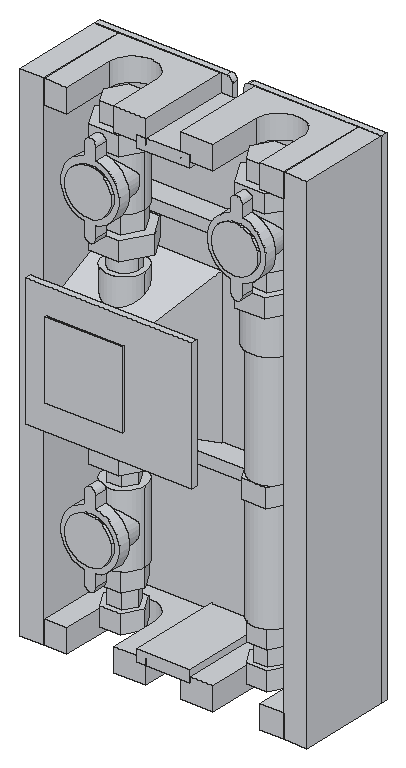
Revit family "330_e145d54fb4be4ce3bb35df3b38b2fd", category Mechanical Equipment, Revit 2022
Family settings
  Round Connector Dimension = Use Diameter
  Classification = None
  Part Type = Normal
  Work Plane-Based = No
  Always vertical = Yes
  Cut with Voids When Loaded = No
  Maintain Annotation Orientation = No
  Shared = No
  Room Calculation Point = No
Parameters (values of type "2171 1180E6")
  magiProductId = "e145d54fb4be4ce3bb35df3b38b2fd"
  magiProductFamilyId = "e145d54fb4be4ce3bb35df3b38b2fd"
  magiPartTypeId = 330
  XC = 62.5 mm
  WL = 225 mm
  W2L__ve = -W2L  # -80 mm
  W2L = 80 mm
  W2 = 85 mm
  W = 170 mm
  VersionID = "2.0/2019.5.23.1/FAR_2171_001"
  R25 = 25.5 mm
  R2 = 12.5 mm
  R15 = 17.5 mm
  R13 = 20.5 mm
  R1 = 12.5 mm
  QmdConnectorList = "301;P2;302;P2;303;P1;304;P1"
  Productdata [instance] = "© MagiCAD Group, all rights reserved"
  PL = 48.571 mm
  P2 = 25 mm
  P1 = 25 mm
  Manufacturer = "FAR"
  MC Shunt Valve Configuration = 0
  MC Shunt Control Valve Location = 0
  MC Product Code = "2171 1180E6"
  MC Primary Sizing Flow [instance] = 0.0 L/s
  MC Primary Given Pressure Drop [instance] = 0.0 Pa
  MC Piping Secondary Pressure Drop [instance] = 0.0 Pa
  MC Piping Secondary Flow [instance] = 0.0 L/s
  MC Piping Flow [instance] = 0.0 L/s
  MC Control Valve kv [instance] = 0
  MC Control Valve Pressure Drop [instance] = 0.0 Pa
  MC Balancing Valve kv [instance] = 0
  MC Balancing Valve Pressure Drop [instance] = 0.0 Pa
  MC Adjustable Valve kv for min dp [instance] = 0
  MC Adjustable Valve kv for max dp [instance] = 0
  MC Adjustable Valve Min Pressure Drop [instance] = 0.0 Pa
  MC Adjustable Valve Max Pressure Drop [instance] = 0.0 Pa
  LH92 = 24.111 mm
  LH9 = 48.222 mm
  LH62 = 31 mm
  LH61 = 94 mm
  LH6 = 62 mm
  LH48 = 141.778 mm
  LH44 = 111.778 mm
  LH42 = 65.889 mm
  LH4 = 131.778 mm
  L5 = 5 mm
  L45 = 45 mm
  L30 = 32 mm
  L22__ve = -L22  # -5 mm
  L222__ve = -L222  # -2 mm
  L222 = 2 mm
  L22 = 5 mm
  L20__ve = -L20  # -20 mm
  L20 = 20 mm
  L2 = 122.5 mm
  L15 = 16 mm
  L10__ve = -L10  # -10 mm
  L10 = 10 mm
  L = 245 mm
  KH = 15 mm
  H2 = 217 mm
  H = 434 mm
  Description = "Booster unit, high eff. pump 1-6 m, shut-off valves, 180 mm"
  Default Elevation = 0 mm
  CenSd_R25_6 = R25 * cos(30.00°)  # 22.084 mm
  CenSd_R1_6 = R1 * cos(30.00°)  # 10.825 mm
  CenSd_R15_6 = R15 * cos(30.00°)  # 15.155 mm
  CenSd_R13_6 = R13 * cos(30.00°)  # 17.754 mm
  CAT0 = yes
  CAT = no
Reference planes
  plane 1 "Center (Front/Back)": y = 0
  plane 2 "XYPLANE": z = 0
  plane 3 "Center (Left/Right)": x = 0
  plane 4 "360": z = 201
  plane 5 "359": z = 56.778
  plane 6 "358": y = -85
  plane 7 "350": z = -70
  plane 8 "347": z = 109.778
  plane 9 "342": x = 15
  plane 10 "341": x = 82.5
  plane 11 "340": x = 42.5
  plane 12 "339": x = 102.5
  plane 13 "331": y = -40
  plane 14 "330": y = -5
  plane 15 "329": y = -85
  plane 16 "328": x = -82.5
  plane 17 "327": x = -42.5
  plane 18 "326": x = -15
  plane 19 "325": x = -102.5
  plane 20 "323": x = 112.5
  plane 21 "319": y = -5
  plane 22 "318": x = -112.5
  plane 23 "315": z = -157
  plane 24 "314": z = -147
  plane 25 "313": z = -87
  plane 26 "312": z = -97
  plane 27 "311": z = -122
  plane 28 "304": x = 57.5
  plane 29 "303": x = 67.5
  plane 30 "296": y = -85
  plane 31 "290": z = 109.889
  plane 32 "289": z = 179.889
  plane 33 "288": z = 144.889
  plane 34 "287": x = -67.5
  plane 35 "286": x = -57.5
  plane 36 "285": z = 119.889
  plane 37 "284": z = 169.889
  plane 38 "281": y = -90
  plane 39 "277": x = -42.5
  plane 40 "274": y = -75
  plane 41 "272": z = 6.889
  plane 42 "271": y = -15
  plane 43 "243": z = 88.778
  plane 44 "240": z = 185
  plane 45 "239": z = 169
  plane 46 "238": z = 120.778
  plane 47 "231": z = 104.778
  plane 48 "228": z = 72.778
  plane 49 "225": z = -59
  plane 50 "222": z = -75
  plane 51 "219": z = -153
  plane 52 "216": z = -91
  plane 53 "215": z = -169
  plane 54 "210": z = -185
  plane 55 "207": z = -201
  plane 56 "202": x = -5
  plane 57 "201": x = 5
  plane 58 "200": x = 122.5
  plane 59 "199": z = -197
  plane 60 "198": z = 197
  plane 61 "126": y = -48.571
  plane 62 "121": x = 62.5
  plane 63 "116": x = -62.5
  plane 64 "84": z = -217
  plane 65 "83": z = 217
  plane 66 "82": x = -122.5
  plane 67 "43": y = 0
  plane 68 "42": x = 0
  plane 69 "41": z = 0
Forms (mm)
  Extrusion 1, solid
    sketch origin (750, -5, 0) x (-1, 0, 0) y (0, 0, 1)
      loop
        line (727.5, -192) -> (727.5, -202) -> (772.5, -202) -> (772.5, -192) -> (727.5, -192)
    from 0 to -80 <- "W2L__ve"
  Extrusion 2, solid
    sketch origin (750, -5, 0) x (-1, 0, 0) y (0, 0, 1)
      loop
        line (727.5, 202) -> (727.5, 192) -> (772.5, 192) -> (772.5, 202) -> (727.5, 202)
    from 0 to -80 <- "W2L__ve"
  Extrusion 3, solid
    sketch origin (750, -5, 0) x (-1, 0, 0) y (0, 0, 1)
      loop
        line (862.5, -65) -> (637.5, -65) -> (637.5, -75) -> (862.5, -75) -> (862.5, -65)
    from 0 to -20 <- "L20__ve"
  Extrusion 4, solid
    sketch origin (750, -5, 0) x (-1, 0, 0) y (0, 0, 1)
      loop
        line (862.5, 114.778) -> (637.5, 114.778) -> (637.5, 104.778) -> (862.5, 104.778) -> (862.5, 114.778)
    from 0 to -20 <- "L20__ve"
  Extrusion 5, solid
    sketch origin (-750, 0, -217) x (1, 0, 0) y (0, 1, 0)
      loop
        line (765, -5) -> (765, -85) -> (792.5, -85) -> (792.5, -40)
        arc (792.5, -40) -> (812.5, -20) -> (832.5, -40) r 20
        line (832.5, -40) -> (832.5, -85) -> (852.5, -85) -> (852.5, -5) -> (765, -5)
    from 0 to 20 <- "L20"
  Extrusion 6, solid
    sketch origin (-750, 0, 217) x (1, 0, 0) y (0, 1, 0)
      loop
        line (765, -5) -> (765, -85) -> (792.5, -85) -> (792.5, -40)
        arc (792.5, -40) -> (812.5, -20) -> (832.5, -40) r 20
        line (832.5, -40) -> (832.5, -85) -> (852.5, -85) -> (852.5, -5) -> (765, -5)
    from 0 to -20 <- "L20__ve"
  Extrusion 7, solid
    sketch origin (-750, 0, -217) x (1, 0, 0) y (0, 1, 0)
      loop
        line (647.5, -5) -> (647.5, -85) -> (667.5, -85) -> (667.5, -40)
        arc (667.5, -40) -> (687.5, -20) -> (707.5, -40) r 20
        line (707.5, -40) -> (707.5, -85) -> (735, -85) -> (735, -5) -> (647.5, -5)
    from 0 to 20 <- "L20"
  Extrusion 8, solid
    sketch origin (-750, 0, 217) x (1, 0, 0) y (0, 1, 0)
      loop
        line (647.5, -5) -> (647.5, -85) -> (667.5, -85) -> (667.5, -40)
        arc (667.5, -40) -> (687.5, -20) -> (707.5, -40) r 20
        line (707.5, -40) -> (707.5, -85) -> (735, -85) -> (735, -5) -> (647.5, -5)
    from 0 to -20 <- "L20__ve"
  Extrusion 9, solid
    sketch origin (750, -5, 0) x (-1, 0, 0) y (0, 0, 1)
      loop
        line (627.5, 217) -> (627.5, -217) -> (647.5, -217) -> (647.5, 217) -> (627.5, 217)
    from 0 to -80 <- "W2L__ve"
  Extrusion 10, solid
    sketch origin (750, -5, 0) x (-1, 0, 0) y (0, 0, 1)
      loop
        line (852.5, 217) -> (852.5, -217) -> (872.5, -217) -> (872.5, 217) -> (852.5, 217)
    from 0 to -80 <- "W2L__ve"
  Extrusion 11, solid
    sketch origin (750, -75, 0) x (-1, 0, 0) y (0, 0, 1)
      loop
        line (817.5, -157) -> (817.5, -147)
        arc (817.5, -147) -> (837.5, -122) -> (817.5, -97) r 25.625
        line (817.5, -97) -> (817.5, -87)
        arc (817.5, -87) -> (812.5, -82) -> (807.5, -87) r 5
        line (807.5, -87) -> (807.5, -97)
        arc (807.5, -97) -> (787.5, -122) -> (807.5, -147) r 25.625
        line (807.5, -147) -> (807.5, -157)
        arc (807.5, -157) -> (812.5, -162) -> (817.5, -157) r 5
    from 0 to -10 <- "L10__ve"
  Extrusion 12, solid
    sketch origin (750, -75, 0) x (-1, 0, 0) y (0, 0, 1)
      loop
        circle (812.5, -122) r 17.5
    from 0 to 20 <- "L20"
  Extrusion 13, solid
    sketch origin (750, -85, 0) x (-1, 0, 0) y (0, 0, 1)
      loop
        circle (812.5, -122) r 20
    from 0 to -2 <- "L222__ve"
  Extrusion 14, solid
    sketch origin (750, -75, 0) x (-1, 0, 0) y (0, 0, 1)
      loop
        line (692.5, 109.889) -> (692.5, 119.889)
        arc (692.5, 119.889) -> (712.5, 144.889) -> (692.5, 169.889) r 25.625
        line (692.5, 169.889) -> (692.5, 179.889)
        arc (692.5, 179.889) -> (687.5, 184.889) -> (682.5, 179.889) r 5
        line (682.5, 179.889) -> (682.5, 169.889)
        arc (682.5, 169.889) -> (662.5, 144.889) -> (682.5, 119.889) r 25.625
        line (682.5, 119.889) -> (682.5, 109.889)
        arc (682.5, 109.889) -> (687.5, 104.889) -> (692.5, 109.889) r 5
    from 0 to -10 <- "L10__ve"
  Extrusion 15, solid
    sketch origin (750, -75, 0) x (-1, 0, 0) y (0, 0, 1)
      loop
        circle (687.5, 144.889) r 17.5
    from 0 to 20 <- "L20"
  Extrusion 16, solid
    sketch origin (750, -85, 0) x (-1, 0, 0) y (0, 0, 1)
      loop
        circle (687.5, 144.889) r 20
    from 0 to -2 <- "L222__ve"
  Extrusion 17, solid
    sketch origin (750, -85, 0) x (-1, 0, 0) y (0, 0, 1)
      loop
        circle (812.5, 144.889) r 20
    from 0 to -2 <- "L222__ve"
  Extrusion 18, solid
    sketch origin (750, -75, 0) x (-1, 0, 0) y (0, 0, 1)
      loop
        circle (812.5, 144.889) r 17.5
    from 0 to 20 <- "L20"
  Extrusion 19, solid
    sketch origin (750, -75, 0) x (-1, 0, 0) y (0, 0, 1)
      loop
        line (817.5, 109.889) -> (817.5, 119.889)
        arc (817.5, 119.889) -> (837.5, 144.889) -> (817.5, 169.889) r 25.625
        line (817.5, 169.889) -> (817.5, 179.889)
        arc (817.5, 179.889) -> (812.5, 184.889) -> (807.5, 179.889) r 5
        line (807.5, 179.889) -> (807.5, 169.889)
        arc (807.5, 169.889) -> (787.5, 144.889) -> (807.5, 119.889) r 25.625
        line (807.5, 119.889) -> (807.5, 109.889)
        arc (807.5, 109.889) -> (812.5, 104.889) -> (817.5, 109.889) r 5
    from 0 to -10 <- "L10__ve"
  Extrusion 20, solid
    sketch origin (750, -90, 0) x (-1, 0, 0) y (0, 0, 1)
      loop
        line (779.556, 39.833) -> (779.556, -26.056) -> (845.444, -26.056) -> (845.444, 39.833) -> (779.556, 39.833)
    from 0 to -2
  Extrusion 21, solid
    sketch origin (750, -85, 0) x (-1, 0, 0) y (0, 0, 1)
      loop
        line (721.611, 62.778) -> (721.611, -49) -> (863.389, -49) -> (863.389, 62.778) -> (721.611, 62.778)
    from 0 to -5 <- "L22__ve"
  Blend 22, solid
    base sketch origin (750, -15, 0) x (-1, 0, 0) y (0, 0, 1)
      loop
        line (756.611, 72.778) -> (756.611, -59) -> (868.389, -59) -> (868.389, 72.778) -> (756.611, 72.778)
    top sketch origin (750, -15, 0) x (-1, 0, 0) y (0, 0, 1)
      loop
        line (779.556, 39.833) -> (779.556, -26.056) -> (845.444, -26.056) -> (845.444, 39.833) -> (779.556, 39.833)
    from 0 to -70
  Extrusion 23, solid
    sketch origin (-750, 0, -201) x (1, 0, 0) y (0, 1, 0)
      loop
        line (830, -48.571) -> (821.25, -33.416) -> (803.75, -33.416) -> (795, -48.571) -> (803.75, -63.727) -> (821.25, -63.727) -> (830, -48.571)
    from 0 to 16 <- "L15"
  Extrusion 24, solid
    sketch origin (-750, 0, -185) x (1, 0, 0) y (0, 1, 0)
      loop
        line (825, -48.571) -> (818.75, -37.746) -> (806.25, -37.746) -> (800, -48.571) -> (806.25, -59.397) -> (818.75, -59.397) -> (825, -48.571)
    from 0 to 16 <- "L15"
  Extrusion 25, solid
    sketch origin (-750, 0, -169) x (1, 0, 0) y (0, 1, 0)
      loop
        line (830, -48.571) -> (821.25, -33.416) -> (803.75, -33.416) -> (795, -48.571) -> (803.75, -63.727) -> (821.25, -63.727) -> (830, -48.571)
    from 0 to 16 <- "L15"
  Extrusion 26, solid
    sketch origin (-750, 0, -153) x (1, 0, 0) y (0, 1, 0)
      loop
        circle (812.5, -48.571) r 17.5
    from 0 to 94 <- "LH61"
  Extrusion 27, solid
    sketch origin (-750, 0, -59) x (1, 0, 0) y (0, 1, 0)
      loop
        line (833, -48.571) -> (822.75, -30.818) -> (802.25, -30.818) -> (792, -48.571) -> (802.25, -66.325) -> (822.75, -66.325) -> (833, -48.571)
    from 0 to 16 <- "L15"
  Extrusion 28, solid
    sketch origin (-750, 0, -59) x (1, 0, 0) y (0, 1, 0)
      loop
        circle (812.5, -48.571) r 17.5
    from 0 to 131.778 <- "LH4"
  Extrusion 29, solid
    sketch origin (-750, 0, 88.778) x (1, 0, 0) y (0, 1, 0)
      loop
        line (838, -48.571) -> (825.25, -26.488) -> (799.75, -26.488) -> (787, -48.571) -> (799.75, -70.655) -> (825.25, -70.655) -> (838, -48.571)
    from 0 to 16 <- "L15"
  Extrusion 30, solid
    sketch origin (-750, 0, 104.778) x (1, 0, 0) y (0, 1, 0)
      loop
        line (830, -48.571) -> (821.25, -33.416) -> (803.75, -33.416) -> (795, -48.571) -> (803.75, -63.727) -> (821.25, -63.727) -> (830, -48.571)
    from 0 to 16 <- "L15"
  Extrusion 31, solid
    sketch origin (-750, 0, 185) x (1, 0, 0) y (0, 1, 0)
      loop
        line (830, -48.571) -> (821.25, -33.416) -> (803.75, -33.416) -> (795, -48.571) -> (803.75, -63.727) -> (821.25, -63.727) -> (830, -48.571)
    from 0 to 16 <- "L15"
  Extrusion 32, solid
    sketch origin (-750, 0, 169) x (1, 0, 0) y (0, 1, 0)
      loop
        line (838, -48.571) -> (825.25, -26.488) -> (799.75, -26.488) -> (787, -48.571) -> (799.75, -70.655) -> (825.25, -70.655) -> (838, -48.571)
    from 0 to 16 <- "L15"
  Extrusion 33, solid
    sketch origin (-750, 0, 120.778) x (1, 0, 0) y (0, 1, 0)
      loop
        circle (812.5, -48.571) r 17.5
    from 0 to 48.222 <- "LH9"
  Extrusion 34, solid
    sketch origin (-750, 0, 56.778) x (1, 0, 0) y (0, 1, 0)
      loop
        circle (812.5, -48.571) r 20.5
    from 0 to 32 <- "L30"
  Extrusion 35, solid
    sketch origin (-750, 0, 72.778) x (1, 0, 0) y (0, 1, 0)
      loop
        circle (687.5, -48.571) r 12.5
    from 0 to 16 <- "L15"
  Extrusion 36, solid
    sketch origin (-750, 0, 120.778) x (1, 0, 0) y (0, 1, 0)
      loop
        circle (687.5, -48.571) r 17.5
    from 0 to 48.222 <- "LH9"
  Extrusion 37, solid
    sketch origin (-750, 0, 169) x (1, 0, 0) y (0, 1, 0)
      loop
        line (713, -48.571) -> (700.25, -26.488) -> (674.75, -26.488) -> (662, -48.571) -> (674.75, -70.655) -> (700.25, -70.655) -> (713, -48.571)
    from 0 to 16 <- "L15"
  Extrusion 38, solid
    sketch origin (-750, 0, 185) x (1, 0, 0) y (0, 1, 0)
      loop
        line (705, -48.571) -> (696.25, -33.416) -> (678.75, -33.416) -> (670, -48.571) -> (678.75, -63.727) -> (696.25, -63.727) -> (705, -48.571)
    from 0 to 16 <- "L15"
  Extrusion 39, solid
    sketch origin (-750, 0, 104.778) x (1, 0, 0) y (0, 1, 0)
      loop
        line (705, -48.571) -> (696.25, -33.416) -> (678.75, -33.416) -> (670, -48.571) -> (678.75, -63.727) -> (696.25, -63.727) -> (705, -48.571)
    from 0 to 16 <- "L15"
  Extrusion 40, solid
    sketch origin (-750, 0, 88.778) x (1, 0, 0) y (0, 1, 0)
      loop
        line (713, -48.571) -> (700.25, -26.488) -> (674.75, -26.488) -> (662, -48.571) -> (674.75, -70.655) -> (700.25, -70.655) -> (713, -48.571)
    from 0 to 16 <- "L15"
  Extrusion 41, solid
    sketch origin (-750, 0, -59) x (1, 0, 0) y (0, 1, 0)
      loop
        circle (687.5, -48.571) r 17.5
    from 0 to 131.778 <- "LH4"
  Extrusion 42, solid
    sketch origin (-750, 0, -75) x (1, 0, 0) y (0, 1, 0)
      loop
        line (713, -48.571) -> (700.25, -26.488) -> (674.75, -26.488) -> (662, -48.571) -> (674.75, -70.655) -> (700.25, -70.655) -> (713, -48.571)
    from 0 to 16 <- "L15"
  Extrusion 43, solid
    sketch origin (-750, 0, -91) x (1, 0, 0) y (0, 1, 0)
      loop
        line (700, -48.571) -> (693.75, -37.746) -> (681.25, -37.746) -> (675, -48.571) -> (681.25, -59.397) -> (693.75, -59.397) -> (700, -48.571)
    from 0 to 16 <- "L15"
  Extrusion 44, solid
    sketch origin (-750, 0, -153) x (1, 0, 0) y (0, 1, 0)
      loop
        circle (687.5, -48.571) r 17.5
    from 0 to 62 <- "LH6"
  Extrusion 45, solid
    sketch origin (-750, 0, -169) x (1, 0, 0) y (0, 1, 0)
      loop
        line (705, -48.571) -> (696.25, -33.416) -> (678.75, -33.416) -> (670, -48.571) -> (678.75, -63.727) -> (696.25, -63.727) -> (705, -48.571)
    from 0 to 16 <- "L15"
  Extrusion 46, solid
    sketch origin (-750, 0, -185) x (1, 0, 0) y (0, 1, 0)
      loop
        line (700, -48.571) -> (693.75, -37.746) -> (681.25, -37.746) -> (675, -48.571) -> (681.25, -59.397) -> (693.75, -59.397) -> (700, -48.571)
    from 0 to 16 <- "L15"
  Extrusion 47, solid
    sketch origin (-750, 0, -201) x (1, 0, 0) y (0, 1, 0)
      loop
        line (705, -48.571) -> (696.25, -33.416) -> (678.75, -33.416) -> (670, -48.571) -> (678.75, -63.727) -> (696.25, -63.727) -> (705, -48.571)
    from 0 to 16 <- "L15"
  Extrusion 48, solid
    sketch origin (750, 0, 0) x (-1, 0, 0) y (0, 0, 1)
      loop
        line (872.5, 217) -> (760, 217)
        arc (760, 217) -> (756.464, 215.536) -> (755, 212) r 5
        line (755, 212) -> (755, 197) -> (745, 197) -> (745, 212)
        arc (745, 212) -> (743.536, 215.536) -> (740, 217) r 5
        line (740, 217) -> (627.5, 217) -> (627.5, -217) -> (740, -217)
        arc (740, -217) -> (743.536, -215.536) -> (745, -212) r 5
        line (745, -212) -> (745, -197) -> (755, -197) -> (755, -212)
        arc (755, -212) -> (756.464, -215.536) -> (760, -217) r 5
        line (760, -217) -> (872.5, -217) -> (872.5, 217)
    from 0 to -5 <- "L22__ve"
  Extrusion 49, solid, not visible
    sketch origin (-750, 0, -201) x (1, 0, 0) y (0, 1, 0)
      loop
        circle (812.5, -48.571) r 10
    from 0 to 10
  Extrusion 50, solid, not visible
    sketch origin (-750, 0, -201) x (1, 0, 0) y (0, 1, 0)
      loop
        circle (687.5, -48.571) r 10
    from 0 to 10
  Extrusion 51, solid, not visible
    sketch origin (-750, 0, 201) x (1, 0, 0) y (0, 1, 0)
      loop
        circle (812.5, -48.571) r 10
    from 0 to -10
  Extrusion 52, solid, not visible
    sketch origin (-750, 0, 201) x (1, 0, 0) y (0, 1, 0)
      loop
        circle (687.5, -48.571) r 10
    from 0 to -10
Lines and regions (mm)
  reference lines, not visible
    curve 1: circle (2, 2, 0) r 1 normal (0, 0, 1)
  reference lines
    curve 2: circle (0, -5, -197) r 1 normal (0, -1, 0)
    curve 3: circle (0, -5, 197) r 1 normal (0, -1, 0)
    curve 4: circle (0, -5, -70) r 1 normal (0, -1, 0)
    curve 5: circle (0, -5, 109.778) r 1 normal (0, -1, 0)
    curve 6: line (82.5, -40, -217) -> (42.5, -40, -217)
    curve 7: line (82.5, -40, 217) -> (42.5, -40, 217)
    curve 8: line (-42.5, -40, -217) -> (-82.5, -40, -217)
    curve 9: line (-42.5, -40, 217) -> (-82.5, -40, 217)
    curve 10: circle (112.5, -5, 0) r 1 normal (0, -1, 0)
    curve 11: circle (-112.5, -5, 0) r 1 normal (0, -1, 0)
    curve 12: line (-67.5, -75, -157) -> (-57.5, -75, -157)
    curve 13: line (-57.5, -75, -147) -> (-57.5, -75, -97)
    curve 14: line (-57.5, -75, -87) -> (-67.5, -75, -87)
    curve 15: line (-67.5, -75, -97) -> (-67.5, -75, -147)
    curve 16: line (57.5, -75, 109.889) -> (67.5, -75, 109.889)
    curve 17: line (67.5, -75, 119.889) -> (67.5, -75, 169.889)
    curve 18: line (67.5, -75, 179.889) -> (57.5, -75, 179.889)
    curve 19: line (57.5, -75, 169.889) -> (57.5, -75, 119.889)
    curve 20: line (-67.5, -75, 109.889) -> (-57.5, -75, 109.889)
    curve 21: line (-57.5, -75, 119.889) -> (-57.5, -75, 169.889)
    curve 22: line (-57.5, -75, 179.889) -> (-67.5, -75, 179.889)
    curve 23: line (-67.5, -75, 169.889) -> (-67.5, -75, 119.889)
    curve 24: circle (-62.5, -90, 6.889) r 1 normal (0, -1, 0)
    curve 25: circle (-42.5, -85, 6.889) r 1 normal (0, -1, 0)
    curve 26: circle (-62.5, -15, 6.889) r 1 normal (0, 1, 0)
    curve 27: circle (-62.5, -15, 6.889) r 1 normal (0, -1, 0)
    curve 28: line (62.5, -48.571, -201) -> (58.125, -40.994, -201)
    curve 29: line (62.5, -48.571, -201) -> (53.75, -48.571, -201)
    curve 30: line (62.5, -48.571, -201) -> (58.125, -56.149, -201)
    curve 31: line (62.5, -48.571, -185) -> (59.375, -43.159, -185)
    curve 32: line (62.5, -48.571, -185) -> (56.25, -48.571, -185)
    curve 33: line (62.5, -48.571, -185) -> (59.375, -53.984, -185)
    curve 34: line (62.5, -48.571, -169) -> (58.125, -40.994, -169)
    curve 35: line (62.5, -48.571, -169) -> (53.75, -48.571, -169)
    curve 36: line (62.5, -48.571, -169) -> (58.125, -56.149, -169)
    curve 37: line (62.5, -48.571, -59) -> (57.375, -39.695, -59)
    curve 38: line (62.5, -48.571, -59) -> (52.25, -48.571, -59)
    curve 39: line (62.5, -48.571, -59) -> (57.375, -57.448, -59)
    curve 40: line (62.5, -48.571, 88.778) -> (56.125, -37.53, 88.778)
    curve 41: line (62.5, -48.571, 88.778) -> (49.75, -48.571, 88.778)
    curve 42: line (62.5, -48.571, 88.778) -> (56.125, -59.613, 88.778)
    curve 43: line (62.5, -48.571, 104.778) -> (58.125, -40.994, 104.778)
    curve 44: line (62.5, -48.571, 104.778) -> (53.75, -48.571, 104.778)
    curve 45: line (62.5, -48.571, 104.778) -> (58.125, -56.149, 104.778)
    curve 46: line (62.5, -48.571, 185) -> (58.125, -40.994, 185)
    curve 47: line (62.5, -48.571, 185) -> (53.75, -48.571, 185)
    curve 48: line (62.5, -48.571, 185) -> (58.125, -56.149, 185)
    curve 49: line (62.5, -48.571, 169) -> (56.125, -37.53, 169)
    curve 50: line (62.5, -48.571, 169) -> (49.75, -48.571, 169)
    curve 51: line (62.5, -48.571, 169) -> (56.125, -59.613, 169)
    curve 52: line (-62.5, -48.571, 169) -> (-68.875, -37.53, 169)
    curve 53: line (-62.5, -48.571, 169) -> (-75.25, -48.571, 169)
    curve 54: line (-62.5, -48.571, 169) -> (-68.875, -59.613, 169)
    curve 55: line (-62.5, -48.571, 185) -> (-66.875, -40.994, 185)
    curve 56: line (-62.5, -48.571, 185) -> (-71.25, -48.571, 185)
    curve 57: line (-62.5, -48.571, 185) -> (-66.875, -56.149, 185)
    curve 58: line (-62.5, -48.571, 104.778) -> (-66.875, -40.994, 104.778)
    curve 59: line (-62.5, -48.571, 104.778) -> (-71.25, -48.571, 104.778)
    curve 60: line (-62.5, -48.571, 104.778) -> (-66.875, -56.149, 104.778)
    curve 61: line (-62.5, -48.571, 88.778) -> (-68.875, -37.53, 88.778)
    curve 62: line (-62.5, -48.571, 88.778) -> (-75.25, -48.571, 88.778)
    curve 63: line (-62.5, -48.571, 88.778) -> (-68.875, -59.613, 88.778)
    curve 64: line (-62.5, -48.571, -75) -> (-68.875, -37.53, -75)
    curve 65: line (-62.5, -48.571, -75) -> (-75.25, -48.571, -75)
    curve 66: line (-62.5, -48.571, -75) -> (-68.875, -59.613, -75)
    curve 67: line (-62.5, -48.571, -91) -> (-65.625, -43.159, -91)
    curve 68: line (-62.5, -48.571, -91) -> (-68.75, -48.571, -91)
    curve 69: line (-62.5, -48.571, -91) -> (-65.625, -53.984, -91)
    curve 70: line (-62.5, -48.571, -169) -> (-66.875, -40.994, -169)
    curve 71: line (-62.5, -48.571, -169) -> (-71.25, -48.571, -169)
    curve 72: line (-62.5, -48.571, -169) -> (-66.875, -56.149, -169)
    curve 73: line (-62.5, -48.571, -185) -> (-65.625, -43.159, -185)
    curve 74: line (-62.5, -48.571, -185) -> (-68.75, -48.571, -185)
    curve 75: line (-62.5, -48.571, -185) -> (-65.625, -53.984, -185)
    curve 76: line (-62.5, -48.571, -201) -> (-66.875, -40.994, -201)
    curve 77: line (-62.5, -48.571, -201) -> (-71.25, -48.571, -201)
    curve 78: line (-62.5, -48.571, -201) -> (-66.875, -56.149, -201)
Dimensions and locks
  plane 1 "Center (Front/Back)" to curve 1 = 2 mm
  "L15": plane 44 "240" to plane 4 "360"
  "L15": plane 48 "228" to plane 5 "359"
  locked: plane 42 "271" to plane 6 "358" at 70
  "L5": plane 50 "222" to plane 7 "350"
  "L5": plane 47 "231" to plane 8 "347"
  "L10": plane 57 "201" to plane 9 "342"
  "L20": plane 62 "121" to plane 10 "341"
  "L20": plane 62 "121" to plane 11 "340"
  "L10": plane 20 "323" to plane 12 "339"
  "L45": plane 15 "329" to plane 13 "331"
  "L22": plane 67 "43" to plane 14 "330"
  "W2L": plane 14 "330" to plane 15 "329"
  "L20": plane 63 "116" to plane 16 "328"
  "L20": plane 63 "116" to plane 17 "327"
  "L10": plane 56 "202" to plane 18 "326"
  "L10": plane 22 "318" to plane 19 "325"
  "L10": plane 58 "200" to plane 20 "323"
  "L22": plane 67 "43" to plane 21 "319"
  "L10": plane 66 "82" to plane 22 "318"
  locked: plane 24 "314" to plane 23 "315" at 10
  locked: plane 27 "311" to plane 24 "314" at 25
  locked: plane 26 "312" to plane 25 "313" at 10
  locked: plane 27 "311" to plane 26 "312" at 25
  "LH62": plane 51 "219" to plane 27 "311"
  locked: plane 62 "121" to plane 28 "304" at 5
  locked: plane 62 "121" to plane 29 "303" at 5
  "L10": plane 40 "274" to plane 30 "296"
  "L10": plane 36 "285" to plane 31 "290"
  locked: plane 37 "284" to plane 32 "289" at 10
  "LH92": plane 46 "238" to plane 33 "288"
  locked: plane 63 "116" to plane 34 "287" at 5
  locked: plane 63 "116" to plane 35 "286" at 5
  locked: plane 33 "288" to plane 36 "285" at 25
  locked: plane 33 "288" to plane 37 "284" at 25
  "L22": plane 6 "358" to plane 38 "281"
  locked: plane 63 "116" to plane 39 "277" at 20
  locked: plane 42 "271" to plane 40 "274" at 60
  "LH42": plane 49 "225" to plane 41 "272"
  locked: plane 1 "Center (Front/Back)" to plane 42 "271" at 15
  "L15": plane 48 "228" to plane 43 "243"
  "L15": plane 45 "239" to plane 44 "240"
  "LH9": plane 46 "238" to plane 45 "239"
  "L15": plane 47 "231" to plane 46 "238"
  "L15": plane 43 "243" to plane 47 "231"
  "LH4": plane 49 "225" to plane 48 "228"
  "L15": plane 50 "222" to plane 49 "225"
  "L15": plane 52 "216" to plane 50 "222"
  "L15": plane 53 "215" to plane 51 "219"
  "LH6": plane 51 "219" to plane 52 "216"
  "L15": plane 54 "210" to plane 53 "215"
  "L15": plane 55 "207" to plane 54 "210"
  "L15": plane 64 "84" to plane 55 "207"
  "L5": plane 3 "Center (Left/Right)" to plane 56 "202"
  "L5": plane 3 "Center (Left/Right)" to plane 57 "201"
  "L2": plane 3 "Center (Left/Right)" to plane 58 "200"
  locked: plane 64 "84" to plane 59 "199" at 20
  locked: plane 65 "83" to plane 60 "198" at 20
  "PL": plane 1 "Center (Front/Back)" to plane 61 "126"
  "XC": plane 3 "Center (Left/Right)" to plane 62 "121"
  "XC": plane 3 "Center (Left/Right)" to plane 63 "116"
  "H2": plane 2 "XYPLANE" to plane 64 "84"
  "H2": plane 2 "XYPLANE" to plane 65 "83"
  "L2": plane 3 "Center (Left/Right)" to plane 66 "82"
  locked: plane 1 "Center (Front/Back)" to plane 67 "43"
  locked: plane 3 "Center (Left/Right)" to plane 68 "42"
  locked: plane 2 "XYPLANE" to plane 69 "41"
  equal spacing: Extrusion 1 sketch curve, curve 2, Extrusion 1 sketch curve  (x2)
  "L10": Extrusion 1 sketch curve to Extrusion 1 sketch curve
  "L45": Extrusion 1 sketch curve to Extrusion 1 sketch curve
  Extrusion 1 sketch curve to Extrusion 1 sketch curve = 0 mm  (x8)
  equal spacing: Extrusion 2 sketch curve, curve 3, Extrusion 2 sketch curve  (x2)
  "L10": Extrusion 2 sketch curve to Extrusion 2 sketch curve
  "L45": Extrusion 2 sketch curve to Extrusion 2 sketch curve
  Extrusion 2 sketch curve to Extrusion 2 sketch curve = 0 mm  (x8)
  equal spacing: Extrusion 3 sketch curve, curve 4, Extrusion 3 sketch curve  (x2)
  "WL": Extrusion 3 sketch curve to Extrusion 3 sketch curve
  "L10": Extrusion 3 sketch curve to Extrusion 3 sketch curve
  Extrusion 3 sketch curve to Extrusion 3 sketch curve = 0 mm  (x8)
  equal spacing: Extrusion 4 sketch curve, curve 5, Extrusion 4 sketch curve  (x2)
  "WL": Extrusion 4 sketch curve to Extrusion 4 sketch curve
  "L10": Extrusion 4 sketch curve to Extrusion 4 sketch curve
  Extrusion 4 sketch curve to Extrusion 4 sketch curve = 0 mm  (x8)
  "L20": curve 6 to Extrusion 5 sketch curve
  Extrusion 5 sketch curve to Extrusion 5 sketch curve = 0 mm  (x16)
  "L20": curve 7 to Extrusion 6 sketch curve
  Extrusion 6 sketch curve to Extrusion 6 sketch curve = 0 mm  (x16)
  "L20": curve 8 to Extrusion 7 sketch curve
  Extrusion 7 sketch curve to Extrusion 7 sketch curve = 0 mm  (x16)
  "L20": curve 9 to Extrusion 8 sketch curve
  Extrusion 8 sketch curve to Extrusion 8 sketch curve = 0 mm  (x16)
  equal spacing: Extrusion 9 sketch curve, curve 10, Extrusion 9 sketch curve  (x2)
  "H": Extrusion 9 sketch curve to Extrusion 9 sketch curve
  "L20": Extrusion 9 sketch curve to Extrusion 9 sketch curve
  Extrusion 9 sketch curve to Extrusion 9 sketch curve = 0 mm  (x8)
  equal spacing: Extrusion 10 sketch curve, curve 11, Extrusion 10 sketch curve  (x2)
  "H": Extrusion 10 sketch curve to Extrusion 10 sketch curve
  "L20": Extrusion 10 sketch curve to Extrusion 10 sketch curve
  Extrusion 10 sketch curve to Extrusion 10 sketch curve = 0 mm  (x8)
  "L5": curve 12 to Extrusion 11 sketch curve
  "L20": curve 13 to Extrusion 11 sketch curve
  "L5": curve 14 to Extrusion 11 sketch curve
  "L20": curve 15 to Extrusion 11 sketch curve
  Extrusion 11 sketch curve to Extrusion 11 sketch curve = 0 mm  (x16)
  "L5": curve 16 to Extrusion 14 sketch curve
  "L20": curve 17 to Extrusion 14 sketch curve
  "L5": curve 18 to Extrusion 14 sketch curve
  "L20": curve 19 to Extrusion 14 sketch curve
  Extrusion 14 sketch curve to Extrusion 14 sketch curve = 0 mm  (x16)
  "L5": curve 20 to Extrusion 19 sketch curve
  "L20": curve 21 to Extrusion 19 sketch curve
  "L5": curve 22 to Extrusion 19 sketch curve
  "L20": curve 23 to Extrusion 19 sketch curve
  Extrusion 19 sketch curve to Extrusion 19 sketch curve = 0 mm  (x16)
  equal spacing: Extrusion 20 sketch curve, curve 24, Extrusion 20 sketch curve  (x2)
  "LH42": Extrusion 20 sketch curve to Extrusion 20 sketch curve  (x2)
  Extrusion 20 sketch curve to Extrusion 20 sketch curve = 0 mm  (x8)
  equal spacing: Extrusion 21 sketch curve, curve 25, Extrusion 21 sketch curve  (x2)
  "LH44": Extrusion 21 sketch curve to Extrusion 21 sketch curve
  "LH48": Extrusion 21 sketch curve to Extrusion 21 sketch curve
  Extrusion 21 sketch curve to Extrusion 21 sketch curve = 0 mm  (x8)
  equal spacing: Blend 22 sketch curve, curve 26, Blend 22 sketch curve  (x2)
  "LH42": Blend 22 sketch curve to Blend 22 sketch curve  (x2)
  Blend 22 sketch curve to Blend 22 sketch curve = 0 mm  (x16)
  equal spacing: Blend 22 sketch curve, curve 27, Blend 22 sketch curve  (x2)
  "LH4": Blend 22 sketch curve to Blend 22 sketch curve
  "LH44": Blend 22 sketch curve to Blend 22 sketch curve
  "CenSd_R15_6": curve 28 to Extrusion 23 sketch curve  (x2)
  "CenSd_R15_6": curve 29 to Extrusion 23 sketch curve  (x2)
  "CenSd_R15_6": curve 30 to Extrusion 23 sketch curve  (x2)
  Extrusion 23 sketch curve to Extrusion 23 sketch curve = 0 mm  (x12)
  "CenSd_R1_6": curve 31 to Extrusion 24 sketch curve  (x2)
  "CenSd_R1_6": curve 32 to Extrusion 24 sketch curve  (x2)
  "CenSd_R1_6": curve 33 to Extrusion 24 sketch curve  (x2)
  Extrusion 24 sketch curve to Extrusion 24 sketch curve = 0 mm  (x12)
  "CenSd_R15_6": curve 34 to Extrusion 25 sketch curve  (x2)
  "CenSd_R15_6": curve 35 to Extrusion 25 sketch curve  (x2)
  "CenSd_R15_6": curve 36 to Extrusion 25 sketch curve  (x2)
  Extrusion 25 sketch curve to Extrusion 25 sketch curve = 0 mm  (x12)
  "CenSd_R13_6": curve 37 to Extrusion 27 sketch curve  (x2)
  "CenSd_R13_6": curve 38 to Extrusion 27 sketch curve  (x2)
  "CenSd_R13_6": curve 39 to Extrusion 27 sketch curve  (x2)
  Extrusion 27 sketch curve to Extrusion 27 sketch curve = 0 mm  (x12)
  "CenSd_R25_6": curve 40 to Extrusion 29 sketch curve  (x2)
  "CenSd_R25_6": curve 41 to Extrusion 29 sketch curve  (x2)
  "CenSd_R25_6": curve 42 to Extrusion 29 sketch curve  (x2)
  Extrusion 29 sketch curve to Extrusion 29 sketch curve = 0 mm  (x12)
  "CenSd_R15_6": curve 43 to Extrusion 30 sketch curve  (x2)
  "CenSd_R15_6": curve 44 to Extrusion 30 sketch curve  (x2)
  "CenSd_R15_6": curve 45 to Extrusion 30 sketch curve  (x2)
  Extrusion 30 sketch curve to Extrusion 30 sketch curve = 0 mm  (x12)
  "CenSd_R15_6": curve 46 to Extrusion 31 sketch curve  (x2)
  "CenSd_R15_6": curve 47 to Extrusion 31 sketch curve  (x2)
  "CenSd_R15_6": curve 48 to Extrusion 31 sketch curve  (x2)
  Extrusion 31 sketch curve to Extrusion 31 sketch curve = 0 mm  (x12)
  "CenSd_R25_6": curve 49 to Extrusion 32 sketch curve  (x2)
  "CenSd_R25_6": curve 50 to Extrusion 32 sketch curve  (x2)
  "CenSd_R25_6": curve 51 to Extrusion 32 sketch curve  (x2)
  Extrusion 32 sketch curve to Extrusion 32 sketch curve = 0 mm  (x12)
  "CenSd_R25_6": curve 52 to Extrusion 37 sketch curve  (x2)
  "CenSd_R25_6": curve 53 to Extrusion 37 sketch curve  (x2)
  "CenSd_R25_6": curve 54 to Extrusion 37 sketch curve  (x2)
  Extrusion 37 sketch curve to Extrusion 37 sketch curve = 0 mm  (x12)
  "CenSd_R15_6": curve 55 to Extrusion 38 sketch curve  (x2)
  "CenSd_R15_6": curve 56 to Extrusion 38 sketch curve  (x2)
  "CenSd_R15_6": curve 57 to Extrusion 38 sketch curve  (x2)
  Extrusion 38 sketch curve to Extrusion 38 sketch curve = 0 mm  (x12)
  "CenSd_R15_6": curve 58 to Extrusion 39 sketch curve  (x2)
  "CenSd_R15_6": curve 59 to Extrusion 39 sketch curve  (x2)
  "CenSd_R15_6": curve 60 to Extrusion 39 sketch curve  (x2)
  Extrusion 39 sketch curve to Extrusion 39 sketch curve = 0 mm  (x12)
  "CenSd_R25_6": curve 61 to Extrusion 40 sketch curve  (x2)
  "CenSd_R25_6": curve 62 to Extrusion 40 sketch curve  (x2)
  "CenSd_R25_6": curve 63 to Extrusion 40 sketch curve  (x2)
  Extrusion 40 sketch curve to Extrusion 40 sketch curve = 0 mm  (x12)
  "CenSd_R25_6": curve 64 to Extrusion 42 sketch curve  (x2)
  "CenSd_R25_6": curve 65 to Extrusion 42 sketch curve  (x2)
  "CenSd_R25_6": curve 66 to Extrusion 42 sketch curve  (x2)
  Extrusion 42 sketch curve to Extrusion 42 sketch curve = 0 mm  (x12)
  "CenSd_R1_6": curve 67 to Extrusion 43 sketch curve  (x2)
  "CenSd_R1_6": curve 68 to Extrusion 43 sketch curve  (x2)
  "CenSd_R1_6": curve 69 to Extrusion 43 sketch curve  (x2)
  Extrusion 43 sketch curve to Extrusion 43 sketch curve = 0 mm  (x12)
  "CenSd_R15_6": curve 70 to Extrusion 45 sketch curve  (x2)
  "CenSd_R15_6": curve 71 to Extrusion 45 sketch curve  (x2)
  "CenSd_R15_6": curve 72 to Extrusion 45 sketch curve  (x2)
  Extrusion 45 sketch curve to Extrusion 45 sketch curve = 0 mm  (x12)
  "CenSd_R1_6": curve 73 to Extrusion 46 sketch curve  (x2)
  "CenSd_R1_6": curve 74 to Extrusion 46 sketch curve  (x2)
  "CenSd_R1_6": curve 75 to Extrusion 46 sketch curve  (x2)
  Extrusion 46 sketch curve to Extrusion 46 sketch curve = 0 mm  (x12)
  "CenSd_R15_6": curve 76 to Extrusion 47 sketch curve  (x2)
  "CenSd_R15_6": curve 77 to Extrusion 47 sketch curve  (x2)
  "CenSd_R15_6": curve 78 to Extrusion 47 sketch curve  (x2)
  Extrusion 47 sketch curve to Extrusion 47 sketch curve = 0 mm  (x12)
  Extrusion 48 sketch curve to Extrusion 48 sketch curve = 0 mm  (x32)
  "R15": radius of Extrusion 12 sketch curve
  "L20": radius of Extrusion 13 sketch curve
  "R15": radius of Extrusion 15 sketch curve
  "L20": radius of Extrusion 16 sketch curve
  "L20": radius of Extrusion 17 sketch curve
  "R15": radius of Extrusion 18 sketch curve
  "R15": radius of Extrusion 26 sketch curve
  "R15": radius of Extrusion 28 sketch curve
  "R15": radius of Extrusion 33 sketch curve
  "R13": radius of Extrusion 34 sketch curve
  "R1": radius of Extrusion 35 sketch curve
  "R15": radius of Extrusion 36 sketch curve
  "R15": radius of Extrusion 41 sketch curve
  "R15": radius of Extrusion 44 sketch curve
  "L5": radius of Extrusion 48 sketch curve  (x4)
  locked: curve 29 to curve 28 (angle 60.00°)
  locked: curve 30 to curve 29 (angle 60.00°)
  locked: curve 30 to curve 28 (angle 120.00°)
  locked: curve 32 to curve 31 (angle 60.00°)
  locked: curve 33 to curve 32 (angle 60.00°)
  locked: curve 33 to curve 31 (angle 120.00°)
  locked: curve 35 to curve 34 (angle 60.00°)
  locked: curve 36 to curve 35 (angle 60.00°)
  locked: curve 36 to curve 34 (angle 120.00°)
  locked: curve 38 to curve 37 (angle 60.00°)
  locked: curve 39 to curve 38 (angle 60.00°)
  locked: curve 39 to curve 37 (angle 120.00°)
  locked: curve 41 to curve 40 (angle 60.00°)
  locked: curve 42 to curve 41 (angle 60.00°)
  locked: curve 42 to curve 40 (angle 120.00°)
  locked: curve 44 to curve 43 (angle 60.00°)
  locked: curve 45 to curve 44 (angle 60.00°)
  locked: curve 45 to curve 43 (angle 120.00°)
  locked: curve 47 to curve 46 (angle 60.00°)
  locked: curve 48 to curve 47 (angle 60.00°)
  locked: curve 48 to curve 46 (angle 120.00°)
  locked: curve 50 to curve 49 (angle 60.00°)
  locked: curve 51 to curve 50 (angle 60.00°)
  locked: curve 51 to curve 49 (angle 120.00°)
  locked: curve 53 to curve 52 (angle 60.00°)
  locked: curve 54 to curve 53 (angle 60.00°)
  locked: curve 54 to curve 52 (angle 120.00°)
  locked: curve 56 to curve 55 (angle 60.00°)
  locked: curve 57 to curve 56 (angle 60.00°)
  locked: curve 57 to curve 55 (angle 120.00°)
  locked: curve 59 to curve 58 (angle 60.00°)
  locked: curve 60 to curve 59 (angle 60.00°)
  locked: curve 60 to curve 58 (angle 120.00°)
  locked: curve 62 to curve 61 (angle 60.00°)
  locked: curve 63 to curve 62 (angle 60.00°)
  locked: curve 63 to curve 61 (angle 120.00°)
  locked: curve 65 to curve 64 (angle 60.00°)
  locked: curve 66 to curve 65 (angle 60.00°)
  locked: curve 66 to curve 64 (angle 120.00°)
  locked: curve 68 to curve 67 (angle 60.00°)
  locked: curve 69 to curve 68 (angle 60.00°)
  locked: curve 69 to curve 67 (angle 120.00°)
  locked: curve 71 to curve 70 (angle 60.00°)
  locked: curve 72 to curve 71 (angle 60.00°)
  locked: curve 72 to curve 70 (angle 120.00°)
  locked: curve 74 to curve 73 (angle 60.00°)
  locked: curve 75 to curve 74 (angle 60.00°)
  locked: curve 75 to curve 73 (angle 120.00°)
  locked: curve 77 to curve 76 (angle 60.00°)
  locked: curve 78 to curve 77 (angle 60.00°)
  locked: curve 78 to curve 76 (angle 120.00°)
  aligned and locked: level to plane 2 "XYPLANE"
  aligned and locked: plane 59 "199" to curve 2
  aligned and locked: curve 2 to plane 68 "42"
  aligned and locked: plane 60 "198" to curve 3
  aligned and locked: plane 68 "42" to curve 3
  aligned and locked: plane 7 "350" to curve 4
  aligned and locked: curve 4 to plane 68 "42"
  aligned and locked: plane 8 "347" to curve 5
  aligned and locked: plane 68 "42" to curve 5
  aligned and locked: Extrusion 5 sketch curve to plane 14 "330"
  aligned and locked: plane 9 "342" to Extrusion 5 sketch curve  (x2)
  aligned and locked: Extrusion 5 sketch curve to plane 12 "339"
  aligned and locked: plane 14 "330" to Extrusion 5 sketch curve
  aligned and locked: plane 15 "329" to Extrusion 5 sketch curve  (x4)
  aligned and locked: plane 12 "339" to Extrusion 5 sketch curve
  aligned and locked: plane 10 "341" to Extrusion 5 sketch curve
  aligned and locked: plane 13 "331" to Extrusion 5 sketch curve  (x2)
  aligned and locked: plane 13 "331" to curve 6
  aligned and locked: plane 10 "341" to curve 6
  aligned and locked: plane 11 "340" to curve 6
  aligned and locked: Extrusion 5 sketch curve to plane 11 "340"
  aligned and locked: plane 11 "340" to Extrusion 5 sketch curve
  aligned and locked: Extrusion 6 sketch curve to plane 14 "330"
  aligned and locked: plane 9 "342" to Extrusion 6 sketch curve  (x2)
  aligned and locked: Extrusion 6 sketch curve to plane 12 "339"
  aligned and locked: plane 14 "330" to Extrusion 6 sketch curve
  aligned and locked: plane 15 "329" to Extrusion 6 sketch curve  (x4)
  aligned and locked: plane 12 "339" to Extrusion 6 sketch curve
  aligned and locked: plane 10 "341" to Extrusion 6 sketch curve
  aligned and locked: plane 13 "331" to Extrusion 6 sketch curve  (x2)
  aligned and locked: plane 13 "331" to curve 7
  aligned and locked: plane 10 "341" to curve 7
  aligned and locked: plane 11 "340" to curve 7
  aligned and locked: Extrusion 6 sketch curve to plane 11 "340"
  aligned and locked: plane 11 "340" to Extrusion 6 sketch curve
  aligned and locked: Extrusion 7 sketch curve to plane 14 "330"
  aligned and locked: plane 19 "325" to Extrusion 7 sketch curve  (x2)
  aligned and locked: Extrusion 7 sketch curve to plane 18 "326"
  aligned and locked: plane 14 "330" to Extrusion 7 sketch curve
  aligned and locked: plane 15 "329" to Extrusion 7 sketch curve  (x4)
  aligned and locked: plane 18 "326" to Extrusion 7 sketch curve
  aligned and locked: plane 17 "327" to Extrusion 7 sketch curve
  aligned and locked: plane 13 "331" to Extrusion 7 sketch curve  (x2)
  aligned and locked: plane 13 "331" to curve 8
  aligned and locked: plane 17 "327" to curve 8
  aligned and locked: plane 16 "328" to curve 8
  aligned and locked: Extrusion 7 sketch curve to plane 16 "328"
  aligned and locked: plane 16 "328" to Extrusion 7 sketch curve
  aligned and locked: Extrusion 8 sketch curve to plane 14 "330"
  aligned and locked: plane 19 "325" to Extrusion 8 sketch curve  (x2)
  aligned and locked: Extrusion 8 sketch curve to plane 18 "326"
  aligned and locked: plane 14 "330" to Extrusion 8 sketch curve
  aligned and locked: plane 15 "329" to Extrusion 8 sketch curve  (x4)
  aligned and locked: plane 18 "326" to Extrusion 8 sketch curve
  aligned and locked: plane 17 "327" to Extrusion 8 sketch curve
  aligned and locked: plane 13 "331" to Extrusion 8 sketch curve  (x2)
  aligned and locked: plane 13 "331" to curve 9
  aligned and locked: plane 17 "327" to curve 9
  aligned and locked: plane 16 "328" to curve 9
  aligned and locked: Extrusion 8 sketch curve to plane 16 "328"
  aligned and locked: plane 16 "328" to Extrusion 8 sketch curve
  aligned and locked: curve 10 to plane 20 "323"
  aligned and locked: plane 69 "41" to curve 10
  aligned and locked: curve 11 to plane 22 "318"
  aligned and locked: plane 69 "41" to curve 11
  aligned and locked: curve 12 to plane 23 "315"
  aligned and locked: curve 12 to plane 34 "287"
  aligned and locked: curve 12 to plane 35 "286"
  aligned and locked: Extrusion 11 sketch curve to plane 35 "286"  (x2)
  aligned and locked: plane 23 "315" to Extrusion 11 sketch curve  (x2)
  aligned and locked: plane 24 "314" to Extrusion 11 sketch curve  (x2)
  aligned and locked: curve 13 to plane 35 "286"
  aligned and locked: plane 24 "314" to curve 13
  aligned and locked: plane 26 "312" to curve 13
  aligned and locked: plane 26 "312" to Extrusion 11 sketch curve  (x2)
  aligned and locked: plane 25 "313" to Extrusion 11 sketch curve  (x2)
  aligned and locked: plane 25 "313" to curve 14
  aligned and locked: curve 14 to plane 35 "286"
  aligned and locked: curve 14 to plane 34 "287"
  aligned and locked: plane 34 "287" to Extrusion 11 sketch curve  (x2)
  aligned and locked: plane 34 "287" to curve 15
  aligned and locked: plane 26 "312" to curve 15
  aligned and locked: plane 24 "314" to curve 15
  aligned and locked: plane 27 "311" to Extrusion 12 sketch curve
  aligned and locked: Extrusion 12 sketch curve to plane 63 "116"
  aligned and locked: plane 27 "311" to Extrusion 13 sketch curve
  aligned and locked: Extrusion 13 sketch curve to plane 63 "116"
  aligned and locked: curve 16 to plane 31 "290"
  aligned and locked: plane 28 "304" to curve 16
  aligned and locked: plane 29 "303" to curve 16
  aligned and locked: plane 29 "303" to Extrusion 14 sketch curve  (x2)
  aligned and locked: plane 31 "290" to Extrusion 14 sketch curve  (x2)
  aligned and locked: plane 36 "285" to Extrusion 14 sketch curve  (x2)
  aligned and locked: plane 29 "303" to curve 17
  aligned and locked: plane 36 "285" to curve 17
  aligned and locked: plane 37 "284" to curve 17
  aligned and locked: plane 37 "284" to Extrusion 14 sketch curve  (x2)
  aligned and locked: plane 32 "289" to Extrusion 14 sketch curve  (x2)
  aligned and locked: plane 32 "289" to curve 18
  aligned and locked: plane 29 "303" to curve 18
  aligned and locked: plane 28 "304" to curve 18
  aligned and locked: Extrusion 14 sketch curve to plane 28 "304"  (x2)
  aligned and locked: curve 19 to plane 28 "304"
  aligned and locked: plane 37 "284" to curve 19
  aligned and locked: plane 36 "285" to curve 19
  aligned and locked: plane 33 "288" to Extrusion 15 sketch curve
  aligned and locked: plane 62 "121" to Extrusion 15 sketch curve
  aligned and locked: plane 33 "288" to Extrusion 16 sketch curve
  aligned and locked: plane 62 "121" to Extrusion 16 sketch curve
  aligned and locked: plane 33 "288" to Extrusion 17 sketch curve
  aligned and locked: plane 63 "116" to Extrusion 17 sketch curve
  aligned and locked: plane 33 "288" to Extrusion 18 sketch curve
  aligned and locked: plane 63 "116" to Extrusion 18 sketch curve
  aligned and locked: curve 20 to plane 31 "290"
  aligned and locked: plane 34 "287" to curve 20
  aligned and locked: plane 35 "286" to curve 20
  aligned and locked: plane 35 "286" to Extrusion 19 sketch curve  (x2)
  aligned and locked: plane 31 "290" to Extrusion 19 sketch curve  (x2)
  aligned and locked: plane 36 "285" to Extrusion 19 sketch curve  (x2)
  aligned and locked: plane 35 "286" to curve 21
  aligned and locked: plane 36 "285" to curve 21
  aligned and locked: plane 37 "284" to curve 21
  aligned and locked: plane 37 "284" to Extrusion 19 sketch curve  (x2)
  aligned and locked: plane 32 "289" to Extrusion 19 sketch curve  (x2)
  aligned and locked: plane 32 "289" to curve 22
  aligned and locked: plane 35 "286" to curve 22
  aligned and locked: plane 34 "287" to curve 22
  aligned and locked: Extrusion 19 sketch curve to plane 34 "287"  (x2)
  aligned and locked: curve 23 to plane 34 "287"
  aligned and locked: plane 37 "284" to curve 23
  aligned and locked: plane 36 "285" to curve 23
  aligned and locked: plane 41 "272" to curve 24
  aligned and locked: plane 63 "116" to curve 24
  aligned and locked: plane 39 "277" to curve 25
  aligned and locked: plane 41 "272" to curve 25
  aligned and locked: plane 41 "272" to curve 26
  aligned and locked: plane 63 "116" to curve 26
  aligned and locked: plane 41 "272" to curve 27
  aligned and locked: plane 63 "116" to curve 27
  aligned and locked: Blend 22 to plane 6 "358"
  aligned and locked: plane 61 "126" to curve 30
  aligned and locked: plane 62 "121" to curve 30
  aligned and locked: plane 61 "126" to curve 33
  aligned and locked: plane 62 "121" to curve 33
  aligned and locked: plane 61 "126" to curve 36
  aligned and locked: plane 62 "121" to curve 36
  aligned and locked: plane 61 "126" to Extrusion 26 sketch curve
  aligned and locked: plane 62 "121" to Extrusion 26 sketch curve
  aligned and locked: plane 61 "126" to curve 39
  aligned and locked: plane 62 "121" to curve 39
  aligned and locked: plane 61 "126" to Extrusion 28 sketch curve
  aligned and locked: plane 62 "121" to Extrusion 28 sketch curve
  aligned and locked: plane 61 "126" to curve 42
  aligned and locked: plane 62 "121" to curve 42
  aligned and locked: plane 61 "126" to curve 45
  aligned and locked: plane 62 "121" to curve 45
  aligned and locked: plane 61 "126" to curve 48
  aligned and locked: plane 62 "121" to curve 48
  aligned and locked: plane 61 "126" to curve 51
  aligned and locked: plane 62 "121" to curve 51
  aligned and locked: plane 61 "126" to Extrusion 33 sketch curve
  aligned and locked: plane 62 "121" to Extrusion 33 sketch curve
  aligned and locked: plane 61 "126" to Extrusion 34 sketch curve
  aligned and locked: plane 62 "121" to Extrusion 34 sketch curve
  aligned and locked: plane 61 "126" to Extrusion 35 sketch curve
  aligned and locked: plane 63 "116" to Extrusion 35 sketch curve
  aligned and locked: plane 61 "126" to Extrusion 36 sketch curve
  aligned and locked: plane 63 "116" to Extrusion 36 sketch curve
  aligned and locked: plane 61 "126" to curve 53
  aligned and locked: plane 63 "116" to curve 53
  aligned and locked: plane 61 "126" to curve 56
  aligned and locked: plane 63 "116" to curve 56
  aligned and locked: plane 61 "126" to curve 59
  aligned and locked: plane 63 "116" to curve 59
  aligned and locked: plane 61 "126" to curve 62
  aligned and locked: plane 63 "116" to curve 62
  aligned and locked: plane 61 "126" to Extrusion 41 sketch curve
  aligned and locked: plane 63 "116" to Extrusion 41 sketch curve
  aligned and locked: plane 61 "126" to curve 66
  aligned and locked: plane 63 "116" to curve 66
  aligned and locked: plane 61 "126" to curve 69
  aligned and locked: plane 63 "116" to curve 69
  aligned and locked: plane 61 "126" to Extrusion 44 sketch curve
  aligned and locked: plane 63 "116" to Extrusion 44 sketch curve
  aligned and locked: plane 61 "126" to curve 71
  aligned and locked: plane 63 "116" to curve 71
  aligned and locked: plane 61 "126" to curve 74
  aligned and locked: plane 63 "116" to curve 74
  aligned and locked: plane 61 "126" to curve 77
  aligned and locked: plane 63 "116" to curve 77
  aligned and locked: Extrusion 48 sketch curve to plane 65 "83"  (x2)
  aligned and locked: plane 66 "82" to Extrusion 48 sketch curve
  aligned and locked: Extrusion 48 sketch curve to plane 56 "202"  (x2)
  aligned and locked: plane 60 "198" to Extrusion 48 sketch curve  (x2)
  aligned and locked: plane 56 "202" to Extrusion 48 sketch curve
  aligned and locked: plane 57 "201" to Extrusion 48 sketch curve
  aligned and locked: plane 58 "200" to Extrusion 48 sketch curve
  aligned and locked: plane 65 "83" to Extrusion 48 sketch curve
  aligned and locked: plane 64 "84" to Extrusion 48 sketch curve  (x3)
  aligned and locked: Extrusion 48 sketch curve to plane 58 "200"
  aligned and locked: Extrusion 48 sketch curve to plane 57 "201"  (x2)
  aligned and locked: plane 59 "199" to Extrusion 48 sketch curve  (x2)
  aligned and locked: Extrusion 48 sketch curve to plane 66 "82"
  aligned and locked: plane 61 "126" to Extrusion 49 sketch curve
  aligned and locked: plane 62 "121" to Extrusion 49 sketch curve
  aligned and locked: plane 61 "126" to Extrusion 50 sketch curve
  aligned and locked: plane 63 "116" to Extrusion 50 sketch curve
  aligned and locked: plane 61 "126" to Extrusion 51 sketch curve
  aligned and locked: plane 62 "121" to Extrusion 51 sketch curve
  aligned and locked: plane 61 "126" to Extrusion 52 sketch curve
  aligned and locked: plane 63 "116" to Extrusion 52 sketch curve
Automatic sketch dimensions
  Extrusion 49 sketch curve to Extrusion 49 sketch curve = 10 mm
  Extrusion 50 sketch curve to Extrusion 50 sketch curve = 10 mm
  Extrusion 51 sketch curve to Extrusion 51 sketch curve = 10 mm
  Extrusion 52 sketch curve to Extrusion 52 sketch curve = 10 mm
  plane 3 "Center (Left/Right)" to curve 1 = 2 mm
  plane 9 "342" to Extrusion 1 sketch curve = 7.5 mm
  Extrusion 1 sketch curve to plane 55 "207" = 1 mm
  plane 4 "360" to Extrusion 2 sketch curve = 1 mm
  plane 9 "342" to Extrusion 2 sketch curve = 7.5 mm
  Extrusion 3 sketch curve to plane 20 "323" = 0 mm
  Extrusion 3 sketch curve to plane 50 "222" = 0 mm
  Extrusion 4 sketch curve to plane 20 "323" = 0 mm
  Extrusion 4 sketch curve to plane 47 "231" = 0 mm
  Extrusion 9 sketch curve to plane 58 "200" = 0 mm
  Extrusion 9 sketch curve to plane 64 "84" = 0 mm
  Extrusion 10 sketch curve to plane 19 "325" = 0 mm
  Extrusion 10 sketch curve to plane 64 "84" = 0 mm
  plane 17 "327" to Extrusion 20 sketch curve = 12.944 mm
  Extrusion 20 sketch curve to level = 26.056 mm
  plane 5 "359" to Extrusion 21 sketch curve = 6 mm
  plane 9 "342" to Extrusion 21 sketch curve = 13.389 mm
  Blend 22 sketch curve to plane 48 "228" = 0 mm
  Blend 22 sketch curve to plane 56 "202" = 1.611 mm
  plane 17 "327" to Blend 22 sketch curve = 12.944 mm
  Blend 22 sketch curve to level = 26.056 mm
  radius of curve 2 = 1 mm
  radius of curve 3 = 1 mm
  radius of curve 4 = 1 mm
  radius of curve 5 = 1 mm
  radius of curve 10 = 1 mm
  radius of curve 11 = 1 mm
  radius of curve 24 = 1 mm
  radius of curve 25 = 1 mm
  radius of curve 26 = 1 mm
  radius of curve 27 = 1 mm
  radius of curve 1 = 1 mm
Connectors
  piping at (-62.5, -48.571, -201), diameter 25, driven by "MC Piping Flow", driven by "P2"
    settings: on Extrusion 50, index 1, connector inside diameter 609.6 mm, connector length 0 mm, flow factor 0, pipe flow 0.0 L/s, pressure drop 0.0 Pa, fitting loss kfactor 0, connector angle 0.00°, fixture units 0, engagement length 0 mm, angle of deflection 0.00°, flow configuration 1, flow direction 1, fitting loss method 4, system type 7, joint type 0, gender type 0, connector reference index -1, connector utility 0, adjustable connector no, is connector primary yes, connector description "301"
  piping at (62.5, -48.571, -201), diameter 25, driven by "MC Piping Flow", driven by "P2"
    settings: on Extrusion 49, index 2, connector inside diameter 609.6 mm, connector length 0 mm, flow factor 0, pipe flow 0.0 L/s, pressure drop 0.0 Pa, fitting loss kfactor 0, connector angle 0.00°, fixture units 0, engagement length 0 mm, angle of deflection 0.00°, flow configuration 1, flow direction 2, fitting loss method 4, system type 8, joint type 0, gender type 0, connector reference index -1, connector utility 0, adjustable connector no, is connector primary no, connector description "302"
  piping at (-62.5, -48.571, 201), diameter 25, driven by "P1"
    settings: on Extrusion 52, index 3, connector inside diameter 609.6 mm, connector length 0 mm, flow factor 0, pipe flow 0.0 L/s, pressure drop 0.0 Pa, fitting loss kfactor 0, connector angle 0.00°, fixture units 0, engagement length 0 mm, angle of deflection 0.00°, flow configuration 0, flow direction 2, fitting loss method 0, system type 7, joint type 0, gender type 0, connector reference index -1, connector utility 0, adjustable connector no, is connector primary no, connector description "303"
  piping at (62.5, -48.571, 201), diameter 25, driven by "P1"
    settings: on Extrusion 51, index 4, connector inside diameter 609.6 mm, connector length 0 mm, flow factor 0, pipe flow 0.0 L/s, pressure drop 0.0 Pa, fitting loss kfactor 0, connector angle 0.00°, fixture units 0, engagement length 0 mm, angle of deflection 0.00°, flow configuration 0, flow direction 1, fitting loss method 0, system type 8, joint type 0, gender type 0, connector reference index -1, connector utility 0, adjustable connector no, is connector primary no, connector description "304"
